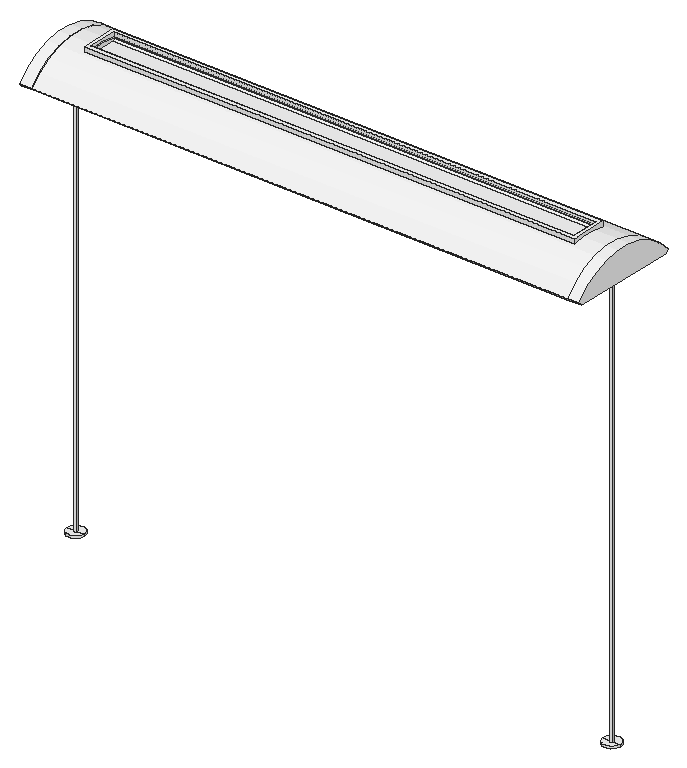
Revit family "CVL-CM", category Lighting Fixtures, host Face, Revit 2014
Parameters (values of type "CVL-3T5HO-85/15-LS-EP")
  Watts = 185 W
  Wattage = 185 W
  built-in parameter 1150110 = 1 (stored number, unit not read)
  Voltage = 120 V
  built-in parameter 1114217 = 1 (stored number, unit not read)
  Tilt Angle = -90.00°  # constant formula
  built-in parameter 1150109 = 1 (stored number, unit not read)
  built-in parameter 1150134 = (empty or 0)
  Suspension Height = 36"
  Wattage Comments = ""
  URL = "https://www.hubbell.com/aleralighting/en/"
  built-in parameter 1150113 = 1 (stored number, unit not read)
  Product Page URL = "https://www.hubbell.com/aleralighting/en/Products/Lighting-Controls/Commercial-Indoor-Lighting/Pendant-Lighting/CVL/p/19959"
  Product Documentation Link = "https://hubbellcdn.com/specsheet/cvl.pdf"
  Power Factor = 1
  Photometric Web Link = "https://www.hubbell.com/aleralighting/en/Products/Lighting-Controls/Commercial-Indoor-Lighting/Pendant-Lighting/CVL/p/19959"
  Photometric Web File = "CVL-3T5HO-85 15-LS-EP.ies"
  Photometric Notes = "More IES files download on Photometric Web Link"  # constant formula
  Model = "CVL"  # constant formula
  Manufacturer = "Alera Lighting"  # constant formula
  Row Length = 48"
  built-in parameter 1150105 = 908.85 (stored number, unit not read)
  Lumens = 4449.25 lm
  built-in parameter 1150115 = 1 (stored number, unit not read)
  Load Classification = Lighting
  built-in parameter 1150137 = (empty or 0)
  built-in parameter 1150139 = (empty or 0)
  built-in parameter 1150112 = 1 (stored number, unit not read)
  built-in parameter 1150114 = 1 (stored number, unit not read)
  Lamp = "T5, T5HO, T8"  # constant formula
  Lamp Type = "Three T5HO Lamp"
  built-in parameter 1150132 = (empty or 0)
  built-in parameter 1150102 = (empty or 0)
  built-in parameter 1150107 = 3500 (stored number, unit not read)
  built-in parameter 1150138 = (empty or 0)
  built-in parameter 1150106 = 9.0885 (stored number, unit not read)
  Glass = Hubbell - White Glass
  Emit from Rectangle Width = 7"  # constant formula
  Emit from Rectangle Length = Row Length - 2"  # 46"
  Emit Shape Visible in Rendering = no
  built-in parameter 1150104 = 2.2343 (stored number, unit not read)
  Distribution = "85% Uplight, 15% Downlight"
  Dimming Lamp Color Temperature Shift = <None>
  Description = "Parabolic louver combines with curved shape for\r\ndirect/indirect distribution"  # constant formula
  Default Elevation = 48"
  Contact Us = "https://www.hubbell.com/aleralighting/en/contactUs"
  Color Filter = 16777215
  built-in parameter 1114218 = 1 (stored number, unit not read)
  Housing Material = Hubbell - White
  built-in parameter 1150133 = 10 (stored number, unit not read)
  Assembly Code = "D5020200"
  Apparent Load = Watts / Power Factor  # 185 VA
Types (7): name | Watts | Wattage | Suspension Height | Photometric Web File | built-in parameter 1150105 | Lumens | Lamp Type | built-in parameter 1150106 | built-in parameter 1150104 | Distribution | Apparent Load
  (no name) | 185 W | 185 W | 36" | "CVL-3T5HO-85 15-LS-EP.ies" | 908.85 (stored number, unit not read) | 4449.25 lm | "Three T5HO Lamp" | 9.0885 (stored number, unit not read) | 2.2343 (stored number, unit not read) | "85% Uplight, 15% Downlight" | 185 VA
  CVL-1T5HO-0/100-LS-EP | 59 W | 59 W | 48" | "CVL-1T5HO-0 100-LS-EP.ies" | 354.1 (stored number, unit not read) | 4449.78 lm | "One T5HO Lamp" | 3.541 (stored number, unit not read) | 7.0067 (stored number, unit not read) | "0% Uplight, 100% Downlight" | 59 VA
  CVL-1T5HO-85/15-LD-EP | 62 W | 62 W | 48" | "CVL-1T5HO-85 15-LD-EP.ies" | 354.1 (stored number, unit not read) | 4449.74 lm | "One T5HO Lamp" | 3.541 (stored number, unit not read) | 6.6677 (stored number, unit not read) | "85% Uplight, 15% Downlight" | 62 VA
  CVL-2T5HO-20/80-LD-EP | 104 W | 104 W | 48" | "CVL-2T5HO-20 80-LD-EP.ies" | 873.83 (stored number, unit not read) | 4449.12 lm | "Two T5HO Lamp" | 8.7383 (stored number, unit not read) | 3.9744 (stored number, unit not read) | "20% Uplight, 80% Downlight" | 104 VA
  CVL-2T5HO-40/60-LS-EP | 115 W | 115 W | 48" | "CVL-2T5HO-40 60-LS-EP.ies" | 939.86 (stored number, unit not read) | 4449.35 lm | "Two T5HO Lamp" | 9.3986 (stored number, unit not read) | 3.5944 (stored number, unit not read) | "40% Uplight, 60% Downlight" | 115 VA
  CVL-3T5HO-0/100-LS-EP | 152 W | 152 W | 48" | "CVL-3T5HO-0 100-LS-EP.ies" | 977.29 (stored number, unit not read) | 4449.04 lm | "Three T5HO Lamp" | 9.7729 (stored number, unit not read) | 2.7193 (stored number, unit not read) | "0% Uplight, 100% Downlight" | 152 VA
  CVL-3T5HO-85/15-LS-EP | 185 W | 185 W | 36" | "CVL-3T5HO-85 15-LS-EP.ies" | 908.85 (stored number, unit not read) | 4449.25 lm | "Three T5HO Lamp" | 9.0885 (stored number, unit not read) | 2.2343 (stored number, unit not read) | "85% Uplight, 15% Downlight" | 185 VA
Reference planes (in)
  plane 1 "Center (Front/Back)": y = 0.03999
  plane 2: z = 0
  plane 3 "Center (Left/Right)": x = 1.66944
  plane 4: x = -22.33056
  plane 5: x = 25.66944
  plane 6: z = 36
  plane 7: x = -21.33056
  plane 8: x = 24.66944
  plane 9: z = 36.5
Forms (in)
  Revolve 1, solid, material "Hubbell - White" <- "Housing Material"
    sketch origin (0, 0.03999, 0) x (1, 0, 0) y (0, 0, 1)
      loop
        line (-21.33056, 36) -> (-21.33056, 0) -> (-20.59744, 0) -> (-20.59744, 0.15062) -> (-21.20556, 0.15062) -> (-21.20556, 35.90062) -> (-20.98741, 35.90062) -> (-20.98741, 36) -> (-21.33056, 36)
      axis (-21.33056, 36) -> (-21.33056, 0)
    angle from 0 to 360
  Revolve 2, solid, material "Hubbell - White" <- "Housing Material"
    sketch origin (0, 0.03999, 0) x (1, 0, 0) y (0, 0, 1)
      loop
        line (24.66944, 36) -> (24.66944, 0) -> (25.40256, 0) -> (25.40256, 0.15062) -> (24.79444, 0.15062) -> (24.79444, 35.90062) -> (25.01259, 35.90062) -> (25.01259, 36) -> (24.66944, 36)
      axis (24.66944, 36) -> (24.66944, 0)
    angle from 0 to 360
Dimensions and locks (in)
  equal spacing: plane 5, plane 3 "Center (Left/Right)", plane 4
  "Suspension Height": plane 6 to level
  equal spacing: plane 8, plane 3 "Center (Left/Right)", plane 7
  locked: plane 7 to plane 4 at 1
  "Row Length": plane 5 to plane 4
  locked: plane 9 to plane 6 at 0.5
  aligned and locked: plane 2 to host face
  aligned and locked: level to host face
  aligned and locked: Revolve 1 sketch curve to plane 7
  aligned and locked: Revolve 1 sketch curve to plane 6
  aligned and locked: host face to Revolve 1 sketch curve
  aligned and locked: Revolve 1 sketch curve to Revolve 1 sketch curve
  aligned and locked: Revolve 2 sketch curve to Revolve 2 sketch curve
  aligned and locked: plane 8 to Revolve 2 sketch curve
  aligned and locked: plane 9 to imposter light
  aligned and locked: imposter light to plane 1 "Center (Front/Back)"
  aligned and locked: plane 3 "Center (Left/Right)" to nested 1
  aligned and locked: plane 1 "Center (Front/Back)" to nested 1
Automatic sketch dimensions
  host sketch curve to host sketch curve = 96"  (x2)
  Revolve 1 sketch curve to plane 6 = 0.09938"
  plane 7 to Revolve 1 sketch curve = 1/8"
  Revolve 1 sketch curve to Revolve 1 sketch curve = 0.21815"
  Revolve 1 sketch curve to Revolve 1 sketch curve = 0.60812"
  Revolve 1 sketch curve to level = 8"
  Revolve 1 sketch curve to Revolve 1 sketch curve = 0.15062"
  Revolve 1 sketch curve to Revolve 1 sketch curve = 2 1/2"
  Revolve 2 sketch curve to plane 6 = 0"
  Revolve 2 sketch curve to level = 0"
  Revolve 2 sketch curve to plane 6 = 0.09938"
  Revolve 2 sketch curve to plane 8 = 1/8"
  Revolve 2 sketch curve to Revolve 2 sketch curve = 0.21815"
  Revolve 2 sketch curve to plane 5 = 0.26688"
  Revolve 2 sketch curve to Revolve 2 sketch curve = 8"
  level to Revolve 2 sketch curve = 0.15062"
  Revolve 2 sketch curve to Revolve 2 sketch curve = 2 1/2"
Nested families (in)
  nested 1: "CVL Light" at (3.71711, 0, 36), Opal Lens <- "Glass", Backbox <- "Housing Material", Row Length <- "Row Length", type "CVL Light"
    with Row Length 48", Opal Lens Hubbell - White Glass, Backbox Hubbell - White
Connectors (in)
  electrical at (-21.33056, 0.03999, 0.15062), driven by "Load Classification", driven by "Voltage", driven by "Apparent Load", driven by "Power Factor"
    settings: on Revolve 1, index 1, voltage 120 V, apparent load 185 VA, apparent load phase1 0 VA, apparent load phase2 0 VA, apparent load phase3 0 VA, power factor 1, load classification "Lighting", number of poles 1, system type 30, power factor state 1, is connector primary yes, connector utility no, sub classification motor no, connector description "Lighting Connector"
Definition of nested family "CVL Light"
  Parameters (values of type "CVL Light")
    Wattage Comments = ""
    URL = ""
    Row Length [instance] = 48"
    Model = ""
    Manufacturer = ""
    Lamp = ""
    Opal Lens [instance] = none
    Frame = none
    Description = ""
    Default Elevation = 48"
    Backbox [instance] = none
  Reference planes (in)
    plane 1 "Center (Front/Back)": y = 0.03999
    plane 2: z = 0
    plane 3 "Center (Left/Right)": x = -2.04767
    plane 4: x = -26.04767
    plane 5: x = 21.95233
    plane 6: x = -25.04767
    plane 7: x = 20.95233
    plane 8: y = 4.78999
    plane 9: y = -4.71001
    plane 10: z = 2.75
    plane 11: x = -23.04767
    plane 12: x = 18.95233
    plane 13: z = 2.5
    plane 14: x = -22.79767
    plane 15: x = 18.70233
    plane 16: z = 2.25
  Forms (in)
    Extrusion 1, solid
      sketch origin (0, 0, 0.06357) x (1, 0, 0) y (0, 1, 0)
        loop
          line (-52.04767, 48) -> (-52.04767, -48) -> (47.95233, -48) -> (47.95233, 48) -> (-52.04767, 48)
      from -0.06357 to -6.06357
    Extrusion 2, solid, material <- "Backbox"
      sketch origin (-2.04767, 0, 0) x (0, 1, 0) y (0, 0, 1)
        loop
          line (4.53999, 0) -> (4.78999, 0.25)
          arc (4.78999, 0.25) -> (0.03999, 2.5) -> (-4.71001, 0.25) r 6.13889
          line (-4.71001, 0.25) -> (-4.46001, 0) -> (0.03999, 0) -> (4.53999, 0)
      from 23 to 24
    Extrusion 3, solid, material <- "Backbox"
      sketch origin (-2.04767, 0, 0) x (0, 1, 0) y (0, 0, 1)
        loop
          line (4.53999, 0) -> (4.78999, 0.25)
          arc (4.78999, 0.25) -> (0.03999, 2.5) -> (-4.71001, 0.25) r 6.13889
          line (-4.71001, 0.25) -> (-4.46001, 0) -> (4.53999, 0)
      from -24 to -23
    Extrusion 4, solid, material <- "Backbox"
      sketch origin (-2.04767, 0, 0) x (0, 1, 0) y (0, 0, 1)
        loop
          line (4.03999, 0) -> (4.28999, 0.25) -> (4.53999, 0) -> (4.78999, 0.25)
          arc (4.78999, 0.25) -> (0.03999, 2.5) -> (-4.71001, 0.25) r 6.13889
          line (-4.71001, 0.25) -> (-4.46001, 0) -> (-4.21001, 0.25) -> (-3.96001, 0) -> (4.03999, 0)
        loop
          arc (4.72145, 0.25328) -> (0.03999, 2.44922) -> (-4.64147, 0.25328) r 6.08811
          line (-4.64147, 0.25328) -> (-4.46001, 0.07182) -> (-4.21001, 0.32182) -> (-3.93897, 0.05078) -> (4.01896, 0.05078) -> (4.28999, 0.32182) -> (4.53999, 0.07182) -> (4.72145, 0.25328)
      from -23 to 23
    Extrusion 5, solid, material <- "Frame"
      sketch origin (-2.04767, 0, 0) x (0, 1, 0) y (0, 0, 1)
        loop
          line (1.53999, 2.75) -> (-1.46001, 2.75) -> (-1.46001, 2.31392)
          arc (-1.46001, 2.31392) -> (0.03999, 2.5) -> (1.53999, 2.31392) r 6.13889
          line (1.53999, 2.31392) -> (1.53999, 2.75)
      from -21 to 21
    Extrusion 6, void
      sketch origin (-2.04767, -1.20637, 2.75) x (-1, 0, 0) y (0, 1, 0)
        loop
          line (20.75, 2.49637) -> (-20.75, 2.49637) -> (-20.75, -0.00363) -> (20.75, -0.00363) -> (20.75, 2.49637)
      from 0 to 0.5
    Extrusion 7, solid, material <- "Opal Lens"
      sketch origin (-2.04767, -1.20637, 2.75) x (0, 1, 0) y (-1, 0, 0)
        loop
          line (2.49637, -20.75) -> (2.49637, 20.75) -> (-0.00363, 20.75) -> (-0.00363, -20.75) -> (2.49637, -20.75)
      from 0 to -0.25
    Extrusion 8, void
      sketch origin (0, 0, 0) x (1, 0, 0) y (0, 1, 0)
        loop
          line (-22.79767, 1.28999) -> (-22.79767, -1.21001) -> (18.70233, -1.21001) -> (18.70233, 1.28999) -> (-22.79767, 1.28999)
      from 0 to 2.5
  Cuts and joins
    Extrusion 6, Extrusion 8 cuts Extrusion 2
    Extrusion 6, Extrusion 8 cuts Extrusion 3
    Extrusion 6, Extrusion 8 cuts Extrusion 4
    joined: Extrusion 2, Extrusion 3, Extrusion 4
    Extrusion 6, Extrusion 8 cuts Extrusion 5
    Extrusion 8 cuts Extrusion 7
  Dimensions and locks (in)
    equal spacing: plane 5, plane 3 "Center (Left/Right)", plane 4
    plane 6 to plane 4 = 1"
    equal spacing: plane 8, plane 1 "Center (Front/Back)", plane 9
    locked: plane 8 to plane 9 at 9.5
    locked: plane 10 to Extrusion 1 at 2.75
    "Row Length": plane 5 to plane 4
    equal spacing: plane 7, plane 3 "Center (Left/Right)", plane 6
    locked: plane 6 to plane 11 at 2
    Extrusion 1 sketch curve to plane 3 "Center (Left/Right)" to Extrusion 1 sketch curve = 50", 50"
    locked: Extrusion 4 sketch curve to Extrusion 4 sketch curve at 0.38383  (x2)
    locked: plane 12 to plane 7 at 2
    locked: plane 13 to Extrusion 1 at 2.5
    locked: plane 15 to plane 12 at 0.25
    locked: plane 11 to plane 14 at 0.25
    locked: plane 10 to plane 16 at 0.5
    aligned and locked: plane 2 to Extrusion 1
    aligned and locked: level to Extrusion 1
    aligned and locked: plane 5 to Extrusion 2
    aligned and locked: Extrusion 2 to plane 7
    aligned and locked: Extrusion 3 to plane 4
    aligned and locked: plane 6 to Extrusion 3
    aligned and locked: Extrusion 4 to plane 6
    aligned and locked: plane 7 to Extrusion 4
    aligned and locked: Extrusion 1 to Extrusion 4 sketch curve
    aligned and locked: Extrusion 1 to Extrusion 2 sketch curve
    aligned and locked: Extrusion 3 sketch curve to Extrusion 1
    aligned and locked: Extrusion 5 sketch curve to cut or joined group of Extrusion 2, Extrusion 3, Extrusion 4, Extrusion 6, Extrusion 8
    aligned and locked: plane 10 to Extrusion 5 sketch curve
    aligned and locked: Extrusion 5 to plane 11
    aligned and locked: plane 12 to Extrusion 5
    aligned and locked: plane 14 to Extrusion 6 sketch curve
    aligned and locked: Extrusion 6 sketch curve to plane 15
    aligned and locked: cut or joined group of Extrusion 5, Extrusion 6, Extrusion 8 to Extrusion 7 sketch curve  (x2)
    aligned and locked: Extrusion 7 sketch curve to cut or joined group of Extrusion 5, Extrusion 6, Extrusion 8  (x2)
  Automatic sketch dimensions
    Extrusion 1 sketch curve to Extrusion 1 sketch curve = 96"
    Extrusion 2 sketch curve to plane 1 "Center (Front/Back)" = 0"  (x2)
    Extrusion 2 sketch curve to plane 9 = 1/4"
    plane 8 to Extrusion 2 sketch curve = 1/4"
    plane 9 to Extrusion 2 sketch curve = 0"
    Extrusion 2 sketch curve to plane 8 = 0"
    Extrusion 2 sketch curve to level = 3.63889"
    level to Extrusion 2 sketch curve = 1/4"
    Extrusion 3 sketch curve to plane 9 = 0"
    Extrusion 3 sketch curve to plane 1 "Center (Front/Back)" = 0"
    Extrusion 3 sketch curve to plane 8 = 0"
    Extrusion 3 sketch curve to plane 9 = 1/4"
    plane 8 to Extrusion 3 sketch curve = 1/4"
    Extrusion 3 sketch curve to level = 3.63889"
    level to Extrusion 3 sketch curve = 1/4"
    Extrusion 4 sketch curve to Extrusion 4 sketch curve = 0"  (x6)
    Extrusion 4 sketch curve to plane 9 = 0"
    Extrusion 4 sketch curve to level = 0"  (x2)
    Extrusion 4 sketch curve to plane 1 "Center (Front/Back)" = 0"
    Extrusion 4 sketch curve to plane 8 = 0"
    Extrusion 4 sketch curve to plane 9 = 0.06854"
    level to Extrusion 4 sketch curve = 0.07182"  (x2)
    Extrusion 4 sketch curve to plane 9 = 1/4"
    level to Extrusion 4 sketch curve = 1/4"
    Extrusion 4 sketch curve to Extrusion 4 sketch curve = 1/4"
    Extrusion 4 sketch curve to Extrusion 4 sketch curve = 0.52103"
    Extrusion 4 sketch curve to Extrusion 4 sketch curve = 0.02103"
    Extrusion 4 sketch curve to Extrusion 4 sketch curve = 0.06854"
    plane 16 to Extrusion 5 sketch curve = 0.06392"  (x2)
    level to Extrusion 4 sketch curve = 13/256"
    Extrusion 5 to Extrusion 6 sketch curve = 1/4"
    Extrusion 6 sketch curve to Extrusion 5 = 1/4"
    plane 11 to Extrusion 8 sketch curve = 1/4"
    Extrusion 8 sketch curve to plane 12 = 1/4"
    plane 1 "Center (Front/Back)" to Extrusion 8 sketch curve = 1 1/4"
    Extrusion 8 sketch curve to plane 1 "Center (Front/Back)" = 1 1/4"
